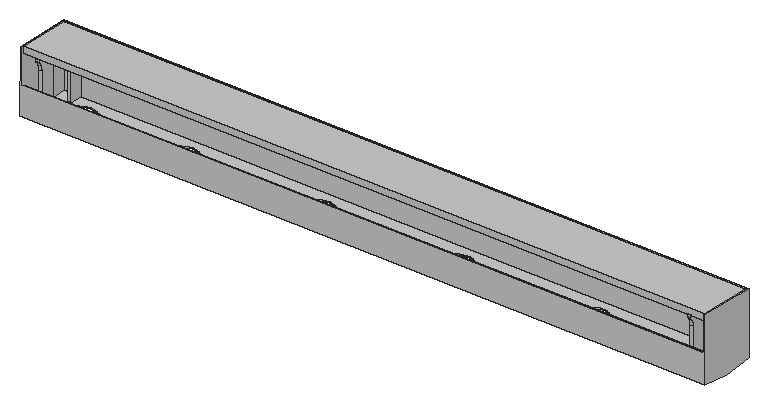
Revit family "PF_ST_RainTrak- O_ACO_2022", category Plumbing Fixtures, Revit 2022
Family settings
  Round Connector Dimension = Use Diameter
  Part Type = Normal
  OmniClass Number = 23.70.50.24
  OmniClass Title = Rainwater Removal
  Work Plane-Based = Yes
  Always vertical = No
  Cut with Voids When Loaded = Yes
  Maintain Annotation Orientation = No
  Shared = No
  Room Calculation Point = No
Parameters (values of type "RainTrak-O-75mm width")
  width_C_ANZRS [instance] = if(type_index = 1, 75 mm, if(type_index = 2, 100 mm, if(type_index = 3, 123 mm, 0 mm)))  # 75 mm
  type_index = 1
  sill_depth01 [instance] = depth_01_C_ANZRS - channel_depth - 5.3 mm  # 50 mm
  sill_depth [instance] = 50 mm
  region_index = 1  # constant formula
  product_index [instance] = size_lookup(lookup_table_name, "pi", 0, type_index, grating_index)  # 2
  product_assortment_C_ANZRS [instance] = "RainTrak"  # constant formula
  outlet_number [instance] = 5
  outlet_dia [instance] = 50 mm
  min_end_dist [instance] = length_01_C_ANZRS - diameter_calculated  # 949.2 mm
  material_C_ANZRS [instance] = Steel, Stainless
  lookup_table_name [instance] = "RainTrak"  # constant formula
  length_01_C_ANZRS [instance] = channel_length  # 1000 mm
  gratings [instance] = gratings_RainTrak : Affiner_grating
  grating_length [instance] = channel_length - 3 mm  # 997 mm
  grating_index [instance] = if(gratings = gm_type1, 1, if(gratings = gm_type2, 2, 0))  # 2
  gm_type2 [instance] = gratings_RainTrak : Affiner_grating
  gm_type1 [instance] = gratings_RainTrak : Linéaire_grating
  e-mail sales = "sales@acoaus.com.au"
  e-mail Technical = "sales@acoaus.com.au"
  drain_position_calculated_9 [instance] = if(or(outlet_number = 9, outlet_number > 9), (if(or(drain_position_9 < 0 mm, drain_position_9 = 0 mm), (drain_position_calculated_8 + (1.5 * diameter_calculated)), if(and(drain_position_9 > 0 mm, drain_position_9 < (drain_position_calculated_8 + (1.5 * diameter_calculated)) + 0.1 mm), (drain_position_calculated_8 + (1.5 * diameter_calculated)), if(and(drain_position_9 > (drain_position_calculated_8 + (1.5 * diameter_calculated)), drain_position_9 < min_end_dist + 0.1 mm), drain_position_9, if(and(drain_position_9 > (drain_position_calculated_8 + (1.5 * diameter_calculated)), drain_position_9 < length_01_C_ANZRS), min_end_dist, (if(or(drain_position_9 > length_01_C_ANZRS, drain_position_9 = length_01_C_ANZRS), min_end_dist, drain_position_9 - diameter_calculated))))))), length_01_C_ANZRS + 100 mm)  # 1100 mm
  drain_position_calculated_8 [instance] = if(or(outlet_number = 8, outlet_number > 8), (if(or(drain_position_8 < 0 mm, drain_position_8 = 0 mm), (drain_position_calculated_7 + (1.5 * diameter_calculated)), if(and(drain_position_8 > 0 mm, drain_position_8 < (drain_position_calculated_7 + (1.5 * diameter_calculated)) + 0.1 mm), (drain_position_calculated_7 + (1.5 * diameter_calculated)), if(and(drain_position_8 > (drain_position_calculated_7 + (1.5 * diameter_calculated)), drain_position_8 < min_end_dist + 0.1 mm), drain_position_8, if(and(drain_position_8 > (drain_position_calculated_7 + (1.5 * diameter_calculated)), drain_position_8 < length_01_C_ANZRS), min_end_dist, (if(or(drain_position_8 > length_01_C_ANZRS, drain_position_8 = length_01_C_ANZRS), min_end_dist, drain_position_8 - diameter_calculated))))))), length_01_C_ANZRS + 100 mm)  # 1100 mm
  drain_position_calculated_7 [instance] = if(or(outlet_number = 7, outlet_number > 7), (if(or(drain_position_7 < 0 mm, drain_position_7 = 0 mm), (drain_position_calculated_6 + (1.5 * diameter_calculated)), if(and(drain_position_7 > 0 mm, drain_position_7 < (drain_position_calculated_6 + (1.5 * diameter_calculated)) + 0.1 mm), (drain_position_calculated_6 + (1.5 * diameter_calculated)), if(and(drain_position_7 > (drain_position_calculated_6 + (1.5 * diameter_calculated)), drain_position_7 < min_end_dist + 0.1 mm), drain_position_7, if(and(drain_position_7 > (drain_position_calculated_6 + (1.5 * diameter_calculated)), drain_position_7 < length_01_C_ANZRS), min_end_dist, (if(or(drain_position_7 > length_01_C_ANZRS, drain_position_7 = length_01_C_ANZRS), min_end_dist, drain_position_7 - diameter_calculated))))))), length_01_C_ANZRS + 100 mm)  # 1100 mm
  drain_position_calculated_6 [instance] = if(or(outlet_number = 6, outlet_number > 6), (if(or(drain_position_6 < 0 mm, drain_position_6 = 0 mm), (drain_position_calculated_5 + (1.5 * diameter_calculated)), if(and(drain_position_6 > 0 mm, drain_position_6 < (drain_position_calculated_5 + (1.5 * diameter_calculated)) + 0.1 mm), (drain_position_calculated_5 + (1.5 * diameter_calculated)), if(and(drain_position_6 > (drain_position_calculated_5 + (1.5 * diameter_calculated)), drain_position_6 < min_end_dist + 0.1 mm), drain_position_6, if(and(drain_position_6 > (drain_position_calculated_5 + (1.5 * diameter_calculated)), drain_position_6 < length_01_C_ANZRS), min_end_dist, (if(or(drain_position_6 > length_01_C_ANZRS, drain_position_6 = length_01_C_ANZRS), min_end_dist, drain_position_6 - diameter_calculated))))))), length_01_C_ANZRS + 100 mm)  # 1100 mm
  drain_position_calculated_5 [instance] = if(or(outlet_number = 5, outlet_number > 5), (if(or(drain_position_5 < 0 mm, drain_position_5 = 0 mm), (drain_position_calculated_4 + (1.5 * diameter_calculated)), if(and(drain_position_5 > 0 mm, drain_position_5 < (drain_position_calculated_4 + (1.5 * diameter_calculated)) + 0.1 mm), (drain_position_calculated_4 + (1.5 * diameter_calculated)), if(and(drain_position_5 > (drain_position_calculated_4 + (1.5 * diameter_calculated)), drain_position_5 < min_end_dist + 0.1 mm), drain_position_5, if(and(drain_position_5 > (drain_position_calculated_4 + (1.5 * diameter_calculated)), drain_position_5 < length_01_C_ANZRS), min_end_dist, (if(or(drain_position_5 > length_01_C_ANZRS, drain_position_5 = length_01_C_ANZRS), min_end_dist, drain_position_5 - diameter_calculated))))))), length_01_C_ANZRS + 100 mm)  # 800 mm
  drain_position_calculated_4 [instance] = if(or(outlet_number = 4, outlet_number > 4), (if(or(drain_position_4 < 0 mm, drain_position_4 = 0 mm), (drain_position_calculated_3 + (1.5 * diameter_calculated)), if(and(drain_position_4 > 0 mm, drain_position_4 < (drain_position_calculated_3 + (1.5 * diameter_calculated)) + 0.1 mm), (drain_position_calculated_3 + (1.5 * diameter_calculated)), if(and(drain_position_4 > (drain_position_calculated_3 + (1.5 * diameter_calculated)), drain_position_4 < min_end_dist + 0.1 mm), drain_position_4, if(and(drain_position_4 > (drain_position_calculated_3 + (1.5 * diameter_calculated)), drain_position_4 < length_01_C_ANZRS), min_end_dist, (if(or(drain_position_4 > length_01_C_ANZRS, drain_position_4 = length_01_C_ANZRS), min_end_dist, drain_position_4 - diameter_calculated))))))), length_01_C_ANZRS + 100 mm)  # 600 mm
  drain_position_calculated_30 [instance] = if(or(outlet_number = 30, outlet_number > 30), (if(or(drain_position_30 < 0 mm, drain_position_30 = 0 mm), (drain_position_calculated_29 + (1.5 * diameter_calculated)), if(and(drain_position_30 > 0 mm, drain_position_30 < (drain_position_calculated_29 + (1.5 * diameter_calculated)) + 0.1 mm), (drain_position_calculated_29 + (1.5 * diameter_calculated)), if(and(drain_position_30 > (drain_position_calculated_29 + (1.5 * diameter_calculated)), drain_position_30 < min_end_dist + 0.1 mm), drain_position_30, if(and(drain_position_30 > (drain_position_calculated_29 + (1.5 * diameter_calculated)), drain_position_30 < length_01_C_ANZRS), min_end_dist, (if(or(drain_position_30 > length_01_C_ANZRS, drain_position_30 = length_01_C_ANZRS), min_end_dist, drain_position_30 - diameter_calculated))))))), length_01_C_ANZRS + 100 mm)  # 1100 mm
  drain_position_calculated_3 [instance] = if(or(outlet_number = 3, outlet_number > 3), (if(or(drain_position_3 < 0 mm, drain_position_3 = 0 mm), (drain_position_calculated_2 + (1.5 * diameter_calculated)), if(and(drain_position_3 > 0 mm, drain_position_3 < (drain_position_calculated_2 + (1.5 * diameter_calculated)) + 0.1 mm), (drain_position_calculated_2 + (1.5 * diameter_calculated)), if(and(drain_position_3 > (drain_position_calculated_2 + (1.5 * diameter_calculated)), drain_position_3 < min_end_dist + 0.1 mm), drain_position_3, if(and(drain_position_3 > (drain_position_calculated_2 + (1.5 * diameter_calculated)), drain_position_3 < length_01_C_ANZRS), min_end_dist, (if(or(drain_position_3 > length_01_C_ANZRS, drain_position_3 = length_01_C_ANZRS), min_end_dist, drain_position_3 - diameter_calculated))))))), length_01_C_ANZRS + 100 mm)  # 400 mm
  drain_position_calculated_29 [instance] = if(or(outlet_number = 29, outlet_number > 29), (if(or(drain_position_29 < 0 mm, drain_position_29 = 0 mm), (drain_position_calculated_28 + (1.5 * diameter_calculated)), if(and(drain_position_29 > 0 mm, drain_position_29 < (drain_position_calculated_28 + (1.5 * diameter_calculated)) + 0.1 mm), (drain_position_calculated_28 + (1.5 * diameter_calculated)), if(and(drain_position_29 > (drain_position_calculated_28 + (1.5 * diameter_calculated)), drain_position_29 < min_end_dist + 0.1 mm), drain_position_29, if(and(drain_position_29 > (drain_position_calculated_28 + (1.5 * diameter_calculated)), drain_position_29 < length_01_C_ANZRS), min_end_dist, (if(or(drain_position_29 > length_01_C_ANZRS, drain_position_29 = length_01_C_ANZRS), min_end_dist, drain_position_29 - diameter_calculated))))))), length_01_C_ANZRS + 100 mm)  # 1100 mm
  drain_position_calculated_28 [instance] = if(or(outlet_number = 28, outlet_number > 28), (if(or(drain_position_28 < 0 mm, drain_position_28 = 0 mm), (drain_position_calculated_27 + (1.5 * diameter_calculated)), if(and(drain_position_28 > 0 mm, drain_position_28 < (drain_position_calculated_27 + (1.5 * diameter_calculated)) + 0.1 mm), (drain_position_calculated_27 + (1.5 * diameter_calculated)), if(and(drain_position_28 > (drain_position_calculated_27 + (1.5 * diameter_calculated)), drain_position_28 < min_end_dist + 0.1 mm), drain_position_28, if(and(drain_position_28 > (drain_position_calculated_27 + (1.5 * diameter_calculated)), drain_position_28 < length_01_C_ANZRS), min_end_dist, (if(or(drain_position_28 > length_01_C_ANZRS, drain_position_28 = length_01_C_ANZRS), min_end_dist, drain_position_28 - diameter_calculated))))))), length_01_C_ANZRS + 100 mm)  # 1100 mm
  drain_position_calculated_27 [instance] = if(or(outlet_number = 27, outlet_number > 27), (if(or(drain_position_27 < 0 mm, drain_position_27 = 0 mm), (drain_position_calculated_26 + (1.5 * diameter_calculated)), if(and(drain_position_27 > 0 mm, drain_position_27 < (drain_position_calculated_26 + (1.5 * diameter_calculated)) + 0.1 mm), (drain_position_calculated_26 + (1.5 * diameter_calculated)), if(and(drain_position_27 > (drain_position_calculated_26 + (1.5 * diameter_calculated)), drain_position_27 < min_end_dist + 0.1 mm), drain_position_27, if(and(drain_position_27 > (drain_position_calculated_26 + (1.5 * diameter_calculated)), drain_position_27 < length_01_C_ANZRS), min_end_dist, (if(or(drain_position_27 > length_01_C_ANZRS, drain_position_27 = length_01_C_ANZRS), min_end_dist, drain_position_27 - diameter_calculated))))))), length_01_C_ANZRS + 100 mm)  # 1100 mm
  drain_position_calculated_26 [instance] = if(or(outlet_number = 26, outlet_number > 26), (if(or(drain_position_26 < 0 mm, drain_position_26 = 0 mm), (drain_position_calculated_25 + (1.5 * diameter_calculated)), if(and(drain_position_26 > 0 mm, drain_position_26 < (drain_position_calculated_25 + (1.5 * diameter_calculated)) + 0.1 mm), (drain_position_calculated_25 + (1.5 * diameter_calculated)), if(and(drain_position_26 > (drain_position_calculated_25 + (1.5 * diameter_calculated)), drain_position_26 < min_end_dist + 0.1 mm), drain_position_26, if(and(drain_position_26 > (drain_position_calculated_25 + (1.5 * diameter_calculated)), drain_position_26 < length_01_C_ANZRS), min_end_dist, (if(or(drain_position_26 > length_01_C_ANZRS, drain_position_26 = length_01_C_ANZRS), min_end_dist, drain_position_26 - diameter_calculated))))))), length_01_C_ANZRS + 100 mm)  # 1100 mm
  drain_position_calculated_25 [instance] = if(or(outlet_number = 25, outlet_number > 25), (if(or(drain_position_25 < 0 mm, drain_position_25 = 0 mm), (drain_position_calculated_24 + (1.5 * diameter_calculated)), if(and(drain_position_25 > 0 mm, drain_position_25 < (drain_position_calculated_24 + (1.5 * diameter_calculated)) + 0.1 mm), (drain_position_calculated_24 + (1.5 * diameter_calculated)), if(and(drain_position_25 > (drain_position_calculated_24 + (1.5 * diameter_calculated)), drain_position_25 < min_end_dist + 0.1 mm), drain_position_25, if(and(drain_position_25 > (drain_position_calculated_24 + (1.5 * diameter_calculated)), drain_position_25 < length_01_C_ANZRS), min_end_dist, (if(or(drain_position_25 > length_01_C_ANZRS, drain_position_25 = length_01_C_ANZRS), min_end_dist, drain_position_25 - diameter_calculated))))))), length_01_C_ANZRS + 100 mm)  # 1100 mm
  drain_position_calculated_24 [instance] = if(or(outlet_number = 24, outlet_number > 24), (if(or(drain_position_24 < 0 mm, drain_position_24 = 0 mm), (drain_position_calculated_23 + (1.5 * diameter_calculated)), if(and(drain_position_24 > 0 mm, drain_position_24 < (drain_position_calculated_23 + (1.5 * diameter_calculated)) + 0.1 mm), (drain_position_calculated_23 + (1.5 * diameter_calculated)), if(and(drain_position_24 > (drain_position_calculated_23 + (1.5 * diameter_calculated)), drain_position_24 < min_end_dist + 0.1 mm), drain_position_24, if(and(drain_position_24 > (drain_position_calculated_23 + (1.5 * diameter_calculated)), drain_position_24 < length_01_C_ANZRS), min_end_dist, (if(or(drain_position_24 > length_01_C_ANZRS, drain_position_24 = length_01_C_ANZRS), min_end_dist, drain_position_24 - diameter_calculated))))))), length_01_C_ANZRS + 100 mm)  # 1100 mm
  drain_position_calculated_23 [instance] = if(or(outlet_number = 23, outlet_number > 23), (if(or(drain_position_23 < 0 mm, drain_position_23 = 0 mm), (drain_position_calculated_22 + (1.5 * diameter_calculated)), if(and(drain_position_23 > 0 mm, drain_position_23 < (drain_position_calculated_22 + (1.5 * diameter_calculated)) + 0.1 mm), (drain_position_calculated_22 + (1.5 * diameter_calculated)), if(and(drain_position_23 > (drain_position_calculated_22 + (1.5 * diameter_calculated)), drain_position_23 < min_end_dist + 0.1 mm), drain_position_23, if(and(drain_position_23 > (drain_position_calculated_22 + (1.5 * diameter_calculated)), drain_position_23 < length_01_C_ANZRS), min_end_dist, (if(or(drain_position_23 > length_01_C_ANZRS, drain_position_23 = length_01_C_ANZRS), min_end_dist, drain_position_23 - diameter_calculated))))))), length_01_C_ANZRS + 100 mm)  # 1100 mm
  drain_position_calculated_22 [instance] = if(or(outlet_number = 22, outlet_number > 22), (if(or(drain_position_22 < 0 mm, drain_position_22 = 0 mm), (drain_position_calculated_21 + (1.5 * diameter_calculated)), if(and(drain_position_22 > 0 mm, drain_position_22 < (drain_position_calculated_21 + (1.5 * diameter_calculated)) + 0.1 mm), (drain_position_calculated_21 + (1.5 * diameter_calculated)), if(and(drain_position_22 > (drain_position_calculated_21 + (1.5 * diameter_calculated)), drain_position_22 < min_end_dist + 0.1 mm), drain_position_22, if(and(drain_position_22 > (drain_position_calculated_21 + (1.5 * diameter_calculated)), drain_position_22 < length_01_C_ANZRS), min_end_dist, (if(or(drain_position_22 > length_01_C_ANZRS, drain_position_22 = length_01_C_ANZRS), min_end_dist, drain_position_22 - diameter_calculated))))))), length_01_C_ANZRS + 100 mm)  # 1100 mm
  drain_position_calculated_21 [instance] = if(or(outlet_number = 21, outlet_number > 21), (if(or(drain_position_21 < 0 mm, drain_position_21 = 0 mm), (drain_position_calculated_20 + (1.5 * diameter_calculated)), if(and(drain_position_21 > 0 mm, drain_position_21 < (drain_position_calculated_20 + (1.5 * diameter_calculated)) + 0.1 mm), (drain_position_calculated_20 + (1.5 * diameter_calculated)), if(and(drain_position_21 > (drain_position_calculated_20 + (1.5 * diameter_calculated)), drain_position_21 < min_end_dist + 0.1 mm), drain_position_21, if(and(drain_position_21 > (drain_position_calculated_20 + (1.5 * diameter_calculated)), drain_position_21 < length_01_C_ANZRS), min_end_dist, (if(or(drain_position_21 > length_01_C_ANZRS, drain_position_21 = length_01_C_ANZRS), min_end_dist, drain_position_21 - diameter_calculated))))))), length_01_C_ANZRS + 100 mm)  # 1100 mm
  drain_position_calculated_20 [instance] = if(or(outlet_number = 20, outlet_number > 20), (if(or(drain_position_20 < 0 mm, drain_position_20 = 0 mm), (drain_position_calculated_19 + (1.5 * diameter_calculated)), if(and(drain_position_20 > 0 mm, drain_position_20 < (drain_position_calculated_19 + (1.5 * diameter_calculated)) + 0.1 mm), (drain_position_calculated_19 + (1.5 * diameter_calculated)), if(and(drain_position_20 > (drain_position_calculated_19 + (1.5 * diameter_calculated)), drain_position_20 < min_end_dist + 0.1 mm), drain_position_20, if(and(drain_position_20 > (drain_position_calculated_19 + (1.5 * diameter_calculated)), drain_position_20 < length_01_C_ANZRS), min_end_dist, (if(or(drain_position_20 > length_01_C_ANZRS, drain_position_20 = length_01_C_ANZRS), min_end_dist, drain_position_20 - diameter_calculated))))))), length_01_C_ANZRS + 100 mm)  # 1100 mm
  drain_position_calculated_2 [instance] = if(or(outlet_number = 2, outlet_number > 2), (if(or(drain_position_2 < 0 mm, drain_position_2 = 0 mm), (drain_position_calculated_1 + (1.5 * diameter_calculated)), if(and(drain_position_2 > 0 mm, drain_position_2 < (drain_position_calculated_1 + (1.5 * diameter_calculated)) + 0.1 mm), (drain_position_calculated_1 + (1.5 * diameter_calculated)), if(and(drain_position_2 > (drain_position_calculated_1 + (1.5 * diameter_calculated)), drain_position_2 < min_end_dist + 0.1 mm), drain_position_2, if(and(drain_position_2 > (drain_position_calculated_1 + (1.5 * diameter_calculated)), drain_position_2 < length_01_C_ANZRS), min_end_dist, (if(or(drain_position_2 > length_01_C_ANZRS, drain_position_2 = length_01_C_ANZRS), min_end_dist, drain_position_2 - diameter_calculated))))))), length_01_C_ANZRS + 100 mm)  # 200 mm
  drain_position_calculated_19 [instance] = if(or(outlet_number = 19, outlet_number > 19), (if(or(drain_position_19 < 0 mm, drain_position_19 = 0 mm), (drain_position_calculated_18 + (1.5 * diameter_calculated)), if(and(drain_position_19 > 0 mm, drain_position_19 < (drain_position_calculated_18 + (1.5 * diameter_calculated)) + 0.1 mm), (drain_position_calculated_18 + (1.5 * diameter_calculated)), if(and(drain_position_19 > (drain_position_calculated_18 + (1.5 * diameter_calculated)), drain_position_19 < min_end_dist + 0.1 mm), drain_position_19, if(and(drain_position_19 > (drain_position_calculated_18 + (1.5 * diameter_calculated)), drain_position_19 < length_01_C_ANZRS), min_end_dist, (if(or(drain_position_19 > length_01_C_ANZRS, drain_position_19 = length_01_C_ANZRS), min_end_dist, drain_position_19 - diameter_calculated))))))), length_01_C_ANZRS + 100 mm)  # 1100 mm
  drain_position_calculated_18 [instance] = if(or(outlet_number = 18, outlet_number > 18), (if(or(drain_position_18 < 0 mm, drain_position_18 = 0 mm), (drain_position_calculated_17 + (1.5 * diameter_calculated)), if(and(drain_position_18 > 0 mm, drain_position_18 < (drain_position_calculated_17 + (1.5 * diameter_calculated)) + 0.1 mm), (drain_position_calculated_17 + (1.5 * diameter_calculated)), if(and(drain_position_18 > (drain_position_calculated_17 + (1.5 * diameter_calculated)), drain_position_18 < min_end_dist + 0.1 mm), drain_position_18, if(and(drain_position_18 > (drain_position_calculated_17 + (1.5 * diameter_calculated)), drain_position_18 < length_01_C_ANZRS), min_end_dist, (if(or(drain_position_18 > length_01_C_ANZRS, drain_position_18 = length_01_C_ANZRS), min_end_dist, drain_position_18 - diameter_calculated))))))), length_01_C_ANZRS + 100 mm)  # 1100 mm
  drain_position_calculated_17 [instance] = if(or(outlet_number = 17, outlet_number > 17), (if(or(drain_position_17 < 0 mm, drain_position_17 = 0 mm), (drain_position_calculated_16 + (1.5 * diameter_calculated)), if(and(drain_position_17 > 0 mm, drain_position_17 < (drain_position_calculated_16 + (1.5 * diameter_calculated)) + 0.1 mm), (drain_position_calculated_16 + (1.5 * diameter_calculated)), if(and(drain_position_17 > (drain_position_calculated_16 + (1.5 * diameter_calculated)), drain_position_17 < min_end_dist + 0.1 mm), drain_position_17, if(and(drain_position_17 > (drain_position_calculated_16 + (1.5 * diameter_calculated)), drain_position_17 < length_01_C_ANZRS), min_end_dist, (if(or(drain_position_17 > length_01_C_ANZRS, drain_position_17 = length_01_C_ANZRS), min_end_dist, drain_position_17 - diameter_calculated))))))), length_01_C_ANZRS + 100 mm)  # 1100 mm
  drain_position_calculated_16 [instance] = if(or(outlet_number = 16, outlet_number > 16), (if(or(drain_position_16 < 0 mm, drain_position_16 = 0 mm), (drain_position_calculated_15 + (1.5 * diameter_calculated)), if(and(drain_position_16 > 0 mm, drain_position_16 < (drain_position_calculated_15 + (1.5 * diameter_calculated)) + 0.1 mm), (drain_position_calculated_15 + (1.5 * diameter_calculated)), if(and(drain_position_16 > (drain_position_calculated_15 + (1.5 * diameter_calculated)), drain_position_16 < min_end_dist + 0.1 mm), drain_position_16, if(and(drain_position_16 > (drain_position_calculated_15 + (1.5 * diameter_calculated)), drain_position_16 < length_01_C_ANZRS), min_end_dist, (if(or(drain_position_16 > length_01_C_ANZRS, drain_position_16 = length_01_C_ANZRS), min_end_dist, drain_position_16 - diameter_calculated))))))), length_01_C_ANZRS + 100 mm)  # 1100 mm
  drain_position_calculated_15 [instance] = if(or(outlet_number = 15, outlet_number > 15), (if(or(drain_position_15 < 0 mm, drain_position_15 = 0 mm), (drain_position_calculated_14 + (1.5 * diameter_calculated)), if(and(drain_position_15 > 0 mm, drain_position_15 < (drain_position_calculated_14 + (1.5 * diameter_calculated)) + 0.1 mm), (drain_position_calculated_14 + (1.5 * diameter_calculated)), if(and(drain_position_15 > (drain_position_calculated_14 + (1.5 * diameter_calculated)), drain_position_15 < min_end_dist + 0.1 mm), drain_position_15, if(and(drain_position_15 > (drain_position_calculated_14 + (1.5 * diameter_calculated)), drain_position_15 < length_01_C_ANZRS), min_end_dist, (if(or(drain_position_15 > length_01_C_ANZRS, drain_position_15 = length_01_C_ANZRS), min_end_dist, drain_position_15 - diameter_calculated))))))), length_01_C_ANZRS + 100 mm)  # 1100 mm
  drain_position_calculated_14 [instance] = if(or(outlet_number = 14, outlet_number > 14), (if(or(drain_position_14 < 0 mm, drain_position_14 = 0 mm), (drain_position_calculated_13 + (1.5 * diameter_calculated)), if(and(drain_position_14 > 0 mm, drain_position_14 < (drain_position_calculated_13 + (1.5 * diameter_calculated)) + 0.1 mm), (drain_position_calculated_13 + (1.5 * diameter_calculated)), if(and(drain_position_14 > (drain_position_calculated_13 + (1.5 * diameter_calculated)), drain_position_14 < min_end_dist + 0.1 mm), drain_position_14, if(and(drain_position_14 > (drain_position_calculated_13 + (1.5 * diameter_calculated)), drain_position_14 < length_01_C_ANZRS), min_end_dist, (if(or(drain_position_14 > length_01_C_ANZRS, drain_position_14 = length_01_C_ANZRS), min_end_dist, drain_position_14 - diameter_calculated))))))), length_01_C_ANZRS + 100 mm)  # 1100 mm
  drain_position_calculated_13 [instance] = if(or(outlet_number = 13, outlet_number > 13), (if(or(drain_position_13 < 0 mm, drain_position_13 = 0 mm), (drain_position_calculated_12 + (1.5 * diameter_calculated)), if(and(drain_position_13 > 0 mm, drain_position_13 < (drain_position_calculated_12 + (1.5 * diameter_calculated)) + 0.1 mm), (drain_position_calculated_12 + (1.5 * diameter_calculated)), if(and(drain_position_13 > (drain_position_calculated_12 + (1.5 * diameter_calculated)), drain_position_13 < min_end_dist + 0.1 mm), drain_position_13, if(and(drain_position_13 > (drain_position_calculated_12 + (1.5 * diameter_calculated)), drain_position_13 < length_01_C_ANZRS), min_end_dist, (if(or(drain_position_13 > length_01_C_ANZRS, drain_position_13 = length_01_C_ANZRS), min_end_dist, drain_position_13 - diameter_calculated))))))), length_01_C_ANZRS + 100 mm)  # 1100 mm
  drain_position_calculated_12 [instance] = if(or(outlet_number = 12, outlet_number > 12), (if(or(drain_position_12 < 0 mm, drain_position_12 = 0 mm), (drain_position_calculated_11 + (1.5 * diameter_calculated)), if(and(drain_position_12 > 0 mm, drain_position_12 < (drain_position_calculated_11 + (1.5 * diameter_calculated)) + 0.1 mm), (drain_position_calculated_11 + (1.5 * diameter_calculated)), if(and(drain_position_12 > (drain_position_calculated_11 + (1.5 * diameter_calculated)), drain_position_12 < min_end_dist + 0.1 mm), drain_position_12, if(and(drain_position_12 > (drain_position_calculated_11 + (1.5 * diameter_calculated)), drain_position_12 < length_01_C_ANZRS), min_end_dist, (if(or(drain_position_12 > length_01_C_ANZRS, drain_position_12 = length_01_C_ANZRS), min_end_dist, drain_position_12 - diameter_calculated))))))), length_01_C_ANZRS + 100 mm)  # 1100 mm
  drain_position_calculated_11 [instance] = if(or(outlet_number = 11, outlet_number > 11), (if(or(drain_position_11 < 0 mm, drain_position_11 = 0 mm), (drain_position_calculated_10 + (1.5 * diameter_calculated)), if(and(drain_position_11 > 0 mm, drain_position_11 < (drain_position_calculated_10 + (1.5 * diameter_calculated)) + 0.1 mm), (drain_position_calculated_10 + (1.5 * diameter_calculated)), if(and(drain_position_11 > (drain_position_calculated_10 + (1.5 * diameter_calculated)), drain_position_11 < min_end_dist + 0.1 mm), drain_position_11, if(and(drain_position_11 > (drain_position_calculated_10 + (1.5 * diameter_calculated)), drain_position_11 < length_01_C_ANZRS), min_end_dist, (if(or(drain_position_11 > length_01_C_ANZRS, drain_position_11 = length_01_C_ANZRS), min_end_dist, drain_position_11 - diameter_calculated))))))), length_01_C_ANZRS + 100 mm)  # 1100 mm
  drain_position_calculated_10 [instance] = if(or(outlet_number = 10, outlet_number > 10), (if(or(drain_position_10 < 0 mm, drain_position_10 = 0 mm), (drain_position_calculated_9 + (1.5 * diameter_calculated)), if(and(drain_position_10 > 0 mm, drain_position_10 < (drain_position_calculated_9 + (1.5 * diameter_calculated)) + 0.1 mm), (drain_position_calculated_9 + (1.5 * diameter_calculated)), if(and(drain_position_10 > (drain_position_calculated_9 + (1.5 * diameter_calculated)), drain_position_10 < min_end_dist + 0.1 mm), drain_position_10, if(and(drain_position_10 > (drain_position_calculated_9 + (1.5 * diameter_calculated)), drain_position_10 < length_01_C_ANZRS), min_end_dist, (if(or(drain_position_10 > length_01_C_ANZRS, drain_position_10 = length_01_C_ANZRS), min_end_dist, drain_position_10 - diameter_calculated))))))), length_01_C_ANZRS + 100 mm)  # 1100 mm
  drain_position_calculated_1 [instance] = (if(or(drain_position_1 < 0 mm, drain_position_1 = 0 mm), diameter_calculated, if(and(drain_position_1 > 0 mm, drain_position_1 < diameter_calculated + 0.1 mm), diameter_calculated, if(and(drain_position_1 > diameter_calculated, drain_position_1 < min_end_dist + 0.1 mm), drain_position_1, if(and(drain_position_1 > diameter_calculated, drain_position_1 < length_01_C_ANZRS), min_end_dist, (if(or(drain_position_1 > length_01_C_ANZRS, drain_position_1 = length_01_C_ANZRS), min_end_dist, drain_position_1 - diameter_calculated)))))))  # 50.8 mm
  drain_position_9 [instance] = 1600 mm
  drain_position_8 [instance] = 1400 mm
  drain_position_7 [instance] = 1200 mm
  drain_position_6 [instance] = 1000 mm
  drain_position_5 [instance] = 800 mm
  drain_position_4 [instance] = 600 mm
  drain_position_30 [instance] = 5800 mm
  drain_position_3 [instance] = 400 mm
  drain_position_29 [instance] = 5600 mm
  drain_position_28 [instance] = 5400 mm
  drain_position_27 [instance] = 5200 mm
  drain_position_26 [instance] = 5000 mm
  drain_position_25 [instance] = 4800 mm
  drain_position_24 [instance] = 4800 mm
  drain_position_23 [instance] = 4400 mm
  drain_position_22 [instance] = 4200 mm
  drain_position_21 [instance] = 4000 mm
  drain_position_20 [instance] = 3800 mm
  drain_position_2 [instance] = 200 mm
  drain_position_19 [instance] = 3600 mm
  drain_position_18 [instance] = 3400 mm
  drain_position_17 [instance] = 3200 mm
  drain_position_16 [instance] = 3000 mm
  drain_position_15 [instance] = 2800 mm
  drain_position_14 [instance] = 2600 mm
  drain_position_13 [instance] = 2400 mm
  drain_position_12 [instance] = 2200 mm
  drain_position_11 [instance] = 2000 mm
  drain_position_10 [instance] = 1800 mm
  d6 = 101.6 mm  # constant formula
  d5 = 88.9 mm  # constant formula
  d4 = 76.2 mm  # constant formula
  d1 = 38.1 mm  # constant formula
  d2 = 50.8 mm  # constant formula
  d3 = 63.5 mm  # constant formula
  diameter_calculated [instance] = if(type_index = 1, D1_calculated, if(type_index = 2, D2_calculated, if(type_index = 3, D3_calculated, D3_calculated)))  # 50.8 mm
  WARNING! [instance] = "Position of the maximum number of outlet should not exceed the length of the channel"  # constant formula
  NOTE [instance] = "Position of the additional outlet is always towards the right side of the previous outlet"  # constant formula
  Default Elevation = 1219.2 mm
  D1_calculated [instance] = if(or(outlet_dia < d1, outlet_dia = d1), d1, if(and(outlet_dia > d1, outlet_dia < d2), d2, if(or(outlet_dia < d2, outlet_dia = d2), d2, if(and(outlet_dia > d2, outlet_dia < d3), d3, if(and(outlet_dia > d3, outlet_dia < d4), d3, if(or(outlet_dia = d3, outlet_dia > d3), d3, d3))))))  # 50.8 mm
  D2_calculated [instance] = if(or(outlet_dia < d1, outlet_dia = d1), d1, if(and(outlet_dia > d1, outlet_dia < d2), d2, if(or(outlet_dia < d2, outlet_dia = d2), d2, if(and(outlet_dia > d2, outlet_dia < d3), d3, if(or(outlet_dia < d3, outlet_dia = d3), d3, if(and(outlet_dia > d3, outlet_dia < d4), d4, if(or(outlet_dia < d4, outlet_dia = d4), d4, if(and(outlet_dia > d4, outlet_dia < d5), d5, if(or(outlet_dia < d5, outlet_dia = d5), d5, d5)))))))))  # 50.8 mm
  D3_calculated [instance] = if(or(outlet_dia < d1, outlet_dia = d1), d1, if(and(outlet_dia > d1, outlet_dia < d2), d2, if(or(outlet_dia < d2, outlet_dia = d2), d2, if(and(outlet_dia > d2, outlet_dia < d3), d3, if(or(outlet_dia < d3, outlet_dia = d3), d3, if(and(outlet_dia > d3, outlet_dia < d4), d4, if(or(outlet_dia < d4, outlet_dia = d4), d4, if(and(outlet_dia > d4, outlet_dia < d5), d5, if(or(outlet_dia < d5, outlet_dia = d5), d5, if(and(outlet_dia > d5, outlet_dia < d6), d6, if(or(outlet_dia = d6, outlet_dia > d6), d6, d6)))))))))))  # 50.8 mm
  description_C_ANZRS [instance] = if(product_index = 1, "ACO RainTrak-O 75mm wide with Linéaire grate (nominal)", if(product_index = 2, "ACO RainTrak-O 75mm wide with Affiner grate (nominal)", if(product_index = 3, "ACO RainTrak-O 100mm wide with Linéaire grate (nominal)", if(product_index = 4, "ACO RainTrak-O 100mm wide with Affiner grate (nominal)", if(product_index = 5, "ACO RainTrak-O 123mm wide with Linéaire grate (nominal)", if(product_index = 6, "ACO RainTrak-O 123mm wide with Affiner grate (nominal)", "Not available"))))))  # "ACO RainTrak-O 75mm wide with Affiner grate (nominal)"
  depth_calculated02 [instance] = if(or(sill_depth < 20 mm, sill_depth = 20 mm), 20 mm, if(and(sill_depth > 20 mm, sill_depth < 71 mm), sill_depth, if(or(sill_depth = 70 mm, sill_depth > 70 mm), 70 mm, 70 mm)))  # 50 mm
  depth_calculated01 [instance] = if(or(channel_depth < 20 mm, channel_depth = 20 mm), 20 mm, if(and(channel_depth > 20 mm, channel_depth < 51 mm), channel_depth, if(or(channel_depth = 50 mm, channel_depth > 50 mm), 50 mm, 50 mm)))  # 40 mm
  depth_03_C_ANZRS [instance] = depth_calculated02  # 50 mm
  depth_02_C_ANZRS [instance] = depth_calculated01  # 40 mm
  depth_01_C_ANZRS [instance] = depth_03_C_ANZRS + depth_02_C_ANZRS + 5.3 mm  # 95.3 mm
  content_date_changed_C_ANZRS = ""
  content_creator_C_ANZRS = "ACO Technology Centre, INDIA"  # constant formula
  code_article_C_ANZRS [instance] = size_lookup(lookup_table_name, "", "Not available", type_index, grating_index)  # "RT075A"
  channel_length [instance] = 1000 mm
  channel_depth [instance] = 40 mm
  Product_page_URL = "http://www.acobuildline.com.au/products/product-range-overview/raintrak/"
  Product_brochure = "http://www.acobuildline.com.au/product-support/downloads"
  Maintenance guidelines = "http://www.acobuildline.com.au/product-support/downloads"
  Installation guidelines = "http://www.acobuildline.com.au/product-support/downloads"
  drain_position_1 [instance] = 0 mm
  URL = "www.acobuildline.com.au"
  Telephone = " +61 2 4747 4000"  # constant formula
  Model = "RainTrak"  # constant formula
  Manufacturer = "ACO Pty Ltd"  # constant formula
  IfcExportType = "USERDEFINED"  # constant formula
  IfcExportAs = "IfcWasteTerminalType"  # constant formula
  IfcDescription = Description  # "Threshold door drainage"
  Fax = " +61 2 4747 4040"  # constant formula
  Description = "Threshold door drainage"  # constant formula
  Assembly Code = "D2040300"
  Address = "134-140 Old Bathurst Road, Emu Plains, NSW 2750, Australia"  # constant formula
Reference planes
  plane 1 "Center (Front/Back)": y = 0
  plane 2: z = 0
  plane 3 "Center (Left/Right)": x = 0
  plane 4: y = 37.5
  plane 5: y = -37.5
  plane 6 "connector_plane": z = -95.3
  plane 7: x = 1000
  plane 8: x = 1000
  plane 9: z = -50
Forms (mm)
  Extrusion 1, void
    sketch origin (0, 0, -95.3) x (0, 1, 0) y (-1, 0, 0)
      loop
        circle (0.121, -50.8) r 25.4
    from 4.179 to 0
  Extrusion 2, solid, material "Steel, Stainless" <- "material_C_ANZRS"
    sketch origin (0, 0, 0.441) x (0, 1, 0) y (0, 0, 1)
      loop
        line (39.5, -0.441) -> (37.5, -0.441) -> (37.5, -90.596) -> (0, -94.534) -> (-37.5, -90.441) -> (-37.5, -50.441) -> (-39.721, -50.441) -> (-39.721, -91.562) -> (0, -95.741) -> (39.5, -91.593) -> (39.5, -0.441)
    from 0 to 1000
  Extrusion 3, solid, material "Steel, Stainless" <- "material_C_ANZRS"
    sketch origin (0, 0, 0) x (0, 1, 0) y (0, 0, 1)
      loop
        line (37.5, -90.155) -> (37.5, 0) -> (-39.721, 0) -> (-39.721, -50) -> (-37.5, -50) -> (-37.5, -90) -> (0, -94.093) -> (37.5, -90.155)
    from 0 to 1.5
  Extrusion 4, solid, material "Steel, Stainless" <- "material_C_ANZRS"
    sketch origin (0, 0, 0) x (0, 1, 0) y (0, 0, 1)
      loop
        line (37.5, -90.155) -> (37.5, 0) -> (-39.721, 0) -> (-39.721, -50) -> (-37.5, -50) -> (-37.5, -90) -> (0, -94.093) -> (37.5, -90.155)
    from 998.5 to 1000
  Extrusion 5, void
    sketch origin (0, 0, -95.3) x (0, 1, 0) y (-1, 0, 0)
      loop
        circle (0, -200) r 25.4
    from 0 to 4.179
  Extrusion 6, void
    sketch origin (0, 0, -95.3) x (0, 1, 0) y (-1, 0, 0)
      loop
        circle (0, -400) r 25.4
    from 0 to 4.179
  Extrusion 7, void
    sketch origin (0, 0, -95.3) x (0, 1, 0) y (-1, 0, 0)
      loop
        circle (0, -600) r 25.4
    from 0 to 4.179
  Extrusion 8, void
    sketch origin (0, 0, -95.3) x (0, 1, 0) y (-1, 0, 0)
      loop
        circle (0, -800) r 25.4
    from 0 to 4.179
  Extrusion 9, void
    sketch origin (0, 0, -95.3) x (0, 1, 0) y (-1, 0, 0)
      loop
        circle (0, -1100) r 25.4
    from 0 to 4.179
  Extrusion 10, void
    sketch origin (0, 0, -95.3) x (0, 1, 0) y (-1, 0, 0)
      loop
        circle (0, -1100) r 25.4
    from 0 to 4.179
  Extrusion 11, void
    sketch origin (0, 0, -95.3) x (0, 1, 0) y (-1, 0, 0)
      loop
        circle (0, -1100) r 25.4
    from 0 to 4.179
  Extrusion 12, void
    sketch origin (0, 0, -95.3) x (0, 1, 0) y (-1, 0, 0)
      loop
        circle (0, -1100) r 25.4
    from 0 to 4.179
  Extrusion 13, void
    sketch origin (0, 0, -95.3) x (0, 1, 0) y (-1, 0, 0)
      loop
        circle (0, -1100) r 25.4
    from 0 to 4.179
  Extrusion 14, void
    sketch origin (0, 0, -95.3) x (0, 1, 0) y (-1, 0, 0)
      loop
        circle (0, -1100) r 25.4
    from 0 to 4.179
  Extrusion 15, void
    sketch origin (0, 0, -95.3) x (0, 1, 0) y (-1, 0, 0)
      loop
        circle (0, -1100) r 25.4
    from 0 to 4.179
  Extrusion 16, void
    sketch origin (0, 0, -95.3) x (0, 1, 0) y (-1, 0, 0)
      loop
        circle (0, -1100) r 25.4
    from 0 to 4.179
  Extrusion 17, void
    sketch origin (0, 0, -95.3) x (0, 1, 0) y (-1, 0, 0)
      loop
        circle (0, -1100) r 25.4
    from 0 to 4.179
  Extrusion 18, void
    sketch origin (0, 0, -95.3) x (0, 1, 0) y (-1, 0, 0)
      loop
        circle (0, -1100) r 25.4
    from 0 to 4.179
  Extrusion 19, void
    sketch origin (0, 0, -95.3) x (0, 1, 0) y (-1, 0, 0)
      loop
        circle (0, -1100) r 25.4
    from 0 to 4.179
  Extrusion 20, void
    sketch origin (0, 0, -95.3) x (0, 1, 0) y (-1, 0, 0)
      loop
        circle (0, -1100) r 25.4
    from 0 to 4.179
  Extrusion 21, void
    sketch origin (0, 0, -95.3) x (0, 1, 0) y (-1, 0, 0)
      loop
        circle (0, -1100) r 25.4
    from 0 to 4.179
  Extrusion 22, void
    sketch origin (0, 0, -95.3) x (0, 1, 0) y (-1, 0, 0)
      loop
        circle (0, -1100) r 25.4
    from 0 to 4.179
  Extrusion 23, void
    sketch origin (1370.671, 0, 0) x (1, 0, 0) y (0, 1, 0)
      loop
        circle (-270.671, 0) r 25.4
    from -95.3 to -91.121
  Extrusion 24, void
    sketch origin (0, 0, -95.3) x (0, 1, 0) y (-1, 0, 0)
      loop
        circle (0, -1100) r 25.4
    from 0 to 4.179
  Extrusion 25, void
    sketch origin (0, 0, -95.3) x (0, 1, 0) y (-1, 0, 0)
      loop
        circle (0, -1100) r 25.4
    from 0 to 4.179
  Extrusion 26, void
    sketch origin (0, 0, -95.3) x (0, 1, 0) y (-1, 0, 0)
      loop
        circle (0, -1100) r 25.4
    from 0 to 4.179
  Extrusion 27, void
    sketch origin (0, 0, -95.3) x (0, 1, 0) y (-1, 0, 0)
      loop
        circle (0, -1100) r 25.4
    from 0 to 4.179
  Extrusion 28, void
    sketch origin (0, 0, -95.3) x (0, 1, 0) y (-1, 0, 0)
      loop
        circle (0, -1100) r 25.4
    from 0 to 4.179
  Extrusion 29, void
    sketch origin (0, 0, -95.3) x (0, 1, 0) y (-1, 0, 0)
      loop
        circle (0, -1100) r 25.4
    from 0 to 4.179
  Extrusion 30, void
    sketch origin (0, 0, -95.3) x (0, 1, 0) y (-1, 0, 0)
      loop
        circle (0, -1100) r 25.4
    from 0 to 4.179
  Extrusion 31, void
    sketch origin (0, 0, -95.3) x (0, 1, 0) y (-1, 0, 0)
      loop
        circle (0, -1100) r 25.4
    from 0 to 4.179
  Extrusion 32, void
    sketch origin (0, 0, -95.3) x (0, 1, 0) y (-1, 0, 0)
      loop
        circle (0, -1100) r 25.4
    from 0 to 4.179
  Extrusion 33, void
    sketch origin (0, 0, -95.3) x (0, 1, 0) y (-1, 0, 0)
      loop
        circle (0, -1100) r 25.4
    from 0 to 4.179
  Extrusion 34, void
    sketch origin (0, 0, 0) x (1, 0, 0) y (0, 1, 0)
      loop
        line (0, 39.5) -> (0, -39.721) -> (1000, -39.721) -> (1000, 39.5) -> (0, 39.5)
    from -95.3 to 0
Cuts and joins
  Extrusion 1, Extrusion 5, Extrusion 6, Extrusion 7, Extrusion 8, Extrusion 9, Extrusion 10, Extrusion 11, Extrusion 12, Extrusion 13, Extrusion 14, Extrusion 15, Extrusion 16, Extrusion 17, Extrusion 18, Extrusion 19, Extrusion 20, Extrusion 21, Extrusion 22, Extrusion 23, Extrusion 24, Extrusion 25, Extrusion 26, Extrusion 27, Extrusion 28, Extrusion 29, Extrusion 30, Extrusion 31, Extrusion 32, Extrusion 33 cuts Extrusion 2
  Extrusion 6, Extrusion 7, Extrusion 8, Extrusion 9, Extrusion 10 cuts Extrusion 3
  Extrusion 6, Extrusion 7, Extrusion 8, Extrusion 9, Extrusion 10 cuts Extrusion 4
  joined: Extrusion 2, Extrusion 3, Extrusion 4
Lines and regions (mm)
  reference lines
    curve 1: line (50.8, 0, -95.3) -> (50.8, 0, -80.3)
    curve 2: line (400, 0, -95.3) -> (400, 0, -80.3)
    curve 3: line (200, 0, -95.3) -> (200, 0, -80.3)
    curve 4: line (600, 0, -95.3) -> (600, 0, -80.3)
    curve 5: line (800, 0, -95.3) -> (800, 0, -80.3)
    curve 6: line (1100, 0, -95.3) -> (1100, 0, -80.3)
    curve 7: line (1100, 0, -95.3) -> (1100, 0, -80.3)
    curve 8: line (1100, 0, -95.3) -> (1100, 0, -80.3)
    curve 9: line (1100, 0, -95.3) -> (1100, 0, -80.3)
    curve 10: line (1100, 0, -95.3) -> (1100, 0, -80.3)
    curve 11: line (1100, 0, -95.3) -> (1100, 0, -80.3)
    curve 12: line (1100, 0, -95.3) -> (1100, 0, -80.3)
    curve 13: line (1100, 0, -95.3) -> (1100, 0, -80.3)
    curve 14: line (1100, 0, -95.3) -> (1100, 0, -80.3)
    curve 15: line (1100, 0, -95.3) -> (1100, 0, -80.3)
    curve 16: line (1100, 0, -95.3) -> (1100, 0, -80.3)
    curve 17: line (1100, 0, -95.3) -> (1100, 0, -80.3)
    curve 18: line (1100, 0, -95.3) -> (1100, 0, -80.3)
    curve 19: line (1100, 0, -95.3) -> (1100, 0, -80.3)
    curve 20: line (1100, 0, -95.3) -> (1100, 0, -80.3)
    curve 21: line (1100, 0, -95.3) -> (1100, 0, -80.3)
    curve 22: line (1100, 0, -95.3) -> (1100, 0, -80.3)
    curve 23: line (1100, 0, -95.3) -> (1100, 0, -80.3)
    curve 24: line (1100, 0, -95.3) -> (1100, 0, -80.3)
    curve 25: line (1100, 0, -95.3) -> (1100, 0, -80.3)
    curve 26: line (1100, 0, -95.3) -> (1100, 0, -80.3)
    curve 27: line (1100, 0, -95.3) -> (1100, 0, -80.3)
    curve 28: line (1100, 0, -95.3) -> (1100, 0, -80.3)
    curve 29: line (1100, 0, -95.3) -> (1100, 0, -80.3)
    curve 30: line (1100, 0, -95.3) -> (1100, 0, -80.3)
Dimensions and locks
  equal spacing: plane 4, plane 1 "Center (Front/Back)", plane 5
  "drain_position_calculated_1": plane 3 "Center (Left/Right)" to Extrusion 1 sketch curve
  "depth_01_C_ANZRS": level to plane 6 "connector_plane"
  locked: Extrusion 2 sketch curve to plane 6 "connector_plane" at 4.179
  "width_C_ANZRS": plane 4 to plane 5
  "drain_position_calculated_1": curve 1 to plane 3 "Center (Left/Right)"
  "depth_01_C_ANZRS": level to Extrusion 2 sketch curve
  locked: Extrusion 3 to plane 3 "Center (Left/Right)" at 1.5
  locked: Extrusion 4 to Extrusion 4 at 1.5
  locked: Extrusion 2 sketch curve to Extrusion 2 sketch curve at 2.235
  locked: Extrusion 2 sketch curve to Extrusion 2 sketch curve at 2.488
  "length_01_C_ANZRS": plane 3 "Center (Left/Right)" to plane 7
  "length_01_C_ANZRS": plane 3 "Center (Left/Right)" to plane 8
  "depth_03_C_ANZRS": plane 2 to plane 9
  "depth_02_C_ANZRS": plane 9 to Extrusion 2 sketch curve
  "drain_position_calculated_2": plane 3 "Center (Left/Right)" to Extrusion 5 sketch curve
  "drain_position_calculated_3": plane 3 "Center (Left/Right)" to Extrusion 6 sketch curve
  "drain_position_calculated_4": plane 3 "Center (Left/Right)" to Extrusion 7 sketch curve
  "drain_position_calculated_5": plane 3 "Center (Left/Right)" to Extrusion 8 sketch curve
  "drain_position_calculated_6": plane 3 "Center (Left/Right)" to Extrusion 9 sketch curve
  "drain_position_calculated_7": plane 3 "Center (Left/Right)" to Extrusion 10 sketch curve
  "drain_position_calculated_8": plane 3 "Center (Left/Right)" to Extrusion 11 sketch curve
  "drain_position_calculated_9": plane 3 "Center (Left/Right)" to Extrusion 12 sketch curve
  "drain_position_calculated_10": plane 3 "Center (Left/Right)" to Extrusion 13 sketch curve
  "drain_position_calculated_11": plane 3 "Center (Left/Right)" to Extrusion 14 sketch curve
  "drain_position_calculated_12": plane 3 "Center (Left/Right)" to Extrusion 15 sketch curve
  "drain_position_calculated_13": plane 3 "Center (Left/Right)" to Extrusion 16 sketch curve
  "drain_position_calculated_14": plane 3 "Center (Left/Right)" to Extrusion 17 sketch curve
  "drain_position_calculated_15": plane 3 "Center (Left/Right)" to Extrusion 18 sketch curve
  "drain_position_calculated_16": plane 3 "Center (Left/Right)" to Extrusion 19 sketch curve
  "drain_position_calculated_17": plane 3 "Center (Left/Right)" to Extrusion 20 sketch curve
  "drain_position_calculated_18": plane 3 "Center (Left/Right)" to Extrusion 21 sketch curve
  "drain_position_calculated_19": plane 3 "Center (Left/Right)" to Extrusion 22 sketch curve
  "drain_position_calculated_20": plane 3 "Center (Left/Right)" to Extrusion 23 sketch curve
  "drain_position_calculated_21": plane 3 "Center (Left/Right)" to Extrusion 24 sketch curve
  "drain_position_calculated_22": plane 3 "Center (Left/Right)" to Extrusion 25 sketch curve
  "drain_position_calculated_23": plane 3 "Center (Left/Right)" to Extrusion 26 sketch curve
  "drain_position_calculated_24": plane 3 "Center (Left/Right)" to Extrusion 27 sketch curve
  "drain_position_calculated_25": plane 3 "Center (Left/Right)" to Extrusion 28 sketch curve
  "drain_position_calculated_26": plane 3 "Center (Left/Right)" to Extrusion 29 sketch curve
  "drain_position_calculated_27": plane 3 "Center (Left/Right)" to Extrusion 30 sketch curve
  "drain_position_calculated_28": plane 3 "Center (Left/Right)" to Extrusion 31 sketch curve
  "drain_position_calculated_29": plane 3 "Center (Left/Right)" to Extrusion 32 sketch curve
  "drain_position_calculated_30": plane 3 "Center (Left/Right)" to Extrusion 33 sketch curve
  "drain_position_calculated_3": curve 2 to plane 3 "Center (Left/Right)"
  "drain_position_calculated_2": curve 3 to plane 3 "Center (Left/Right)"
  "drain_position_calculated_4": curve 4 to plane 3 "Center (Left/Right)"
  "drain_position_calculated_5": curve 5 to plane 3 "Center (Left/Right)"
  "drain_position_calculated_6": curve 12 to plane 3 "Center (Left/Right)"
  "drain_position_calculated_7": curve 14 to plane 3 "Center (Left/Right)"
  "drain_position_calculated_8": curve 6 to plane 3 "Center (Left/Right)"
  "drain_position_calculated_9": curve 7 to plane 3 "Center (Left/Right)"
  "drain_position_calculated_10": curve 16 to plane 3 "Center (Left/Right)"
  "drain_position_calculated_11": curve 17 to plane 3 "Center (Left/Right)"
  "drain_position_calculated_12": curve 8 to plane 3 "Center (Left/Right)"
  "drain_position_calculated_15": curve 18 to plane 3 "Center (Left/Right)"
  "drain_position_calculated_16": curve 19 to plane 3 "Center (Left/Right)"
  "drain_position_calculated_13": curve 9 to plane 3 "Center (Left/Right)"
  "drain_position_calculated_14": curve 20 to plane 3 "Center (Left/Right)"
  "drain_position_calculated_17": curve 10 to plane 3 "Center (Left/Right)"
  "drain_position_calculated_18": curve 11 to plane 3 "Center (Left/Right)"
  "drain_position_calculated_19": curve 15 to plane 3 "Center (Left/Right)"
  "drain_position_calculated_21": curve 13 to plane 3 "Center (Left/Right)"
  "drain_position_calculated_20": curve 21 to plane 3 "Center (Left/Right)"
  "drain_position_calculated_22": curve 22 to plane 3 "Center (Left/Right)"
  "drain_position_calculated_23": curve 23 to plane 3 "Center (Left/Right)"
  "drain_position_calculated_24": curve 24 to plane 3 "Center (Left/Right)"
  "drain_position_calculated_25": curve 25 to plane 3 "Center (Left/Right)"
  "drain_position_calculated_26": curve 26 to plane 3 "Center (Left/Right)"
  "drain_position_calculated_27": curve 27 to plane 3 "Center (Left/Right)"
  "drain_position_calculated_28": curve 28 to plane 3 "Center (Left/Right)"
  "drain_position_calculated_29": curve 29 to plane 3 "Center (Left/Right)"
  "drain_position_calculated_30": curve 30 to plane 3 "Center (Left/Right)"
  "diameter_calculated": diameter of Extrusion 1 sketch curve
  "diameter_calculated": diameter of Extrusion 5 sketch curve
  "diameter_calculated": diameter of Extrusion 6 sketch curve
  "diameter_calculated": diameter of Extrusion 7 sketch curve
  "diameter_calculated": diameter of Extrusion 8 sketch curve
  "diameter_calculated": diameter of Extrusion 9 sketch curve
  "diameter_calculated": diameter of Extrusion 10 sketch curve
  "diameter_calculated": diameter of Extrusion 11 sketch curve
  "diameter_calculated": diameter of Extrusion 12 sketch curve
  "diameter_calculated": diameter of Extrusion 13 sketch curve
  "diameter_calculated": diameter of Extrusion 14 sketch curve
  "diameter_calculated": diameter of Extrusion 15 sketch curve
  "diameter_calculated": diameter of Extrusion 16 sketch curve
  "diameter_calculated": diameter of Extrusion 17 sketch curve
  "diameter_calculated": diameter of Extrusion 18 sketch curve
  "diameter_calculated": diameter of Extrusion 19 sketch curve
  "diameter_calculated": diameter of Extrusion 20 sketch curve
  "diameter_calculated": diameter of Extrusion 21 sketch curve
  "diameter_calculated": diameter of Extrusion 22 sketch curve
  "diameter_calculated": diameter of Extrusion 23 sketch curve
  "diameter_calculated": diameter of Extrusion 24 sketch curve
  "diameter_calculated": diameter of Extrusion 25 sketch curve
  "diameter_calculated": diameter of Extrusion 26 sketch curve
  "diameter_calculated": diameter of Extrusion 27 sketch curve
  "diameter_calculated": diameter of Extrusion 28 sketch curve
  "diameter_calculated": diameter of Extrusion 29 sketch curve
  "diameter_calculated": diameter of Extrusion 30 sketch curve
  "diameter_calculated": diameter of Extrusion 31 sketch curve
  "diameter_calculated": diameter of Extrusion 32 sketch curve
  "diameter_calculated": diameter of Extrusion 33 sketch curve
  aligned and locked: level to plane 2
  aligned and locked: Extrusion 2 sketch curve to level
  aligned and locked: Extrusion 2 sketch curve to plane 4
  aligned and locked: cut or joined group 1 (Extrusion 1, Extrusion 2, Extrusion 3, Extrusion 4, Extrusion 5, Extrusion 6, Extrusion 7, Extrusion 8, Extrusion 9, Extrusion 10, Extrusion 11, Extrusion 12, Extrusion 13, Extrusion 14, Extrusion 15, Extrusion 16, Extrusion 17, Extrusion 18, Extrusion 19, Extrusion 20, Extrusion 21, Extrusion 22, Extrusion 23, Extrusion 24, Extrusion 25, Extrusion 26, Extrusion 27, Extrusion 28, Extrusion 29, Extrusion 30, Extrusion 31, Extrusion 32, Extrusion 33) to Extrusion 4
  aligned and locked: Extrusion 2 sketch curve to plane 5
  aligned and locked: plane 1 "Center (Front/Back)" to nested 1
  aligned and locked: plane 8 to Extrusion 4
  aligned and locked: Extrusion 4 sketch curve to level
  aligned and locked: Extrusion 3 sketch curve to level
  aligned and locked: Extrusion 4 sketch curve to Extrusion 3
  aligned and locked: Extrusion 3 to nested 1
  aligned and locked: Extrusion 2 sketch curve to plane 9
  aligned and locked: Extrusion 3 to Extrusion 2
  aligned and locked: Extrusion 2 to Extrusion 1
  aligned and locked: Extrusion 1 to plane 6 "connector_plane"
  aligned and locked: cut or joined group 1 to Extrusion 5
  aligned and locked: cut or joined group 1 to Extrusion 6
  aligned and locked: cut or joined group 1 to Extrusion 7
  aligned and locked: cut or joined group 1 to Extrusion 8
  aligned and locked: Extrusion 9 to cut or joined group 1
  aligned and locked: Extrusion 10 to cut or joined group 1
  aligned and locked: Extrusion 11 to cut or joined group 1
  aligned and locked: Extrusion 12 to cut or joined group 1
  aligned and locked: Extrusion 13 to cut or joined group 1
  aligned and locked: Extrusion 14 to cut or joined group 1
  aligned and locked: Extrusion 15 to cut or joined group 1
  aligned and locked: Extrusion 16 to cut or joined group 1
  aligned and locked: Extrusion 17 to cut or joined group 1
  aligned and locked: Extrusion 18 to cut or joined group 1
  aligned and locked: Extrusion 19 to cut or joined group 1
  aligned and locked: Extrusion 20 to cut or joined group 1
  aligned and locked: Extrusion 21 to cut or joined group 1
  aligned and locked: Extrusion 22 to cut or joined group 1
  aligned and locked: Extrusion 24 to cut or joined group 1
